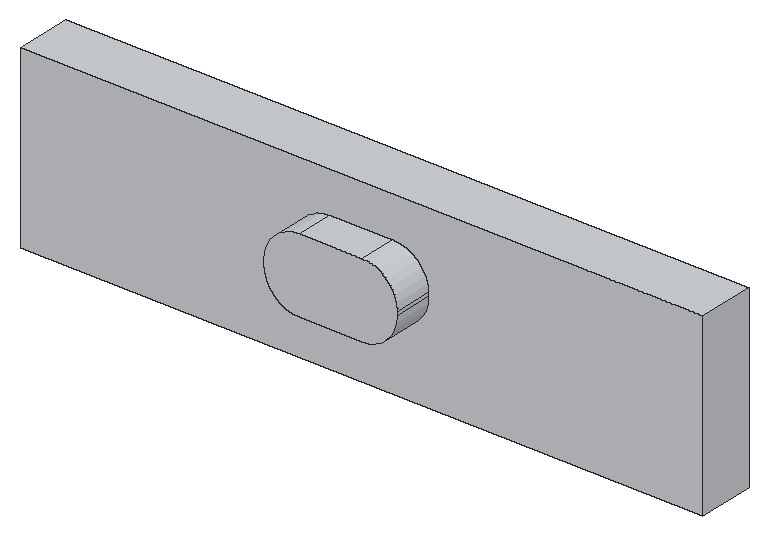
Revit family "S-5", category Air Terminals, host Face, Revit 2025
Family settings
  Host = Face
  Round Connector Dimension = Use Diameter
  Part Type = Normal
  Cut with Voids When Loaded = No
  Maintain Annotation Orientation = No
  Shared = No
  Room Calculation Point = No
Parameters (values of type "TBDI-80")
  Y = 0.91775"
  Width = 4"
  R = 2 1/2"
  Length = 48"
  Depth = 11"
  Default Elevation = 48"
  B [instance] = 5 1/4"
  A [instance] = 9 3/8"
Reference planes (in)
  plane 1 "Center (Front/Back)": y = 0
  plane 2: z = 0
  plane 3 "Center (Left/Right)": x = 0
  plane 4: z = 11
  plane 5: x = -4.6875
  plane 6: x = 4.6875
  plane 7: z = 5.5
  plane 8: z = 8.125
  plane 9: z = 2.875
Forms (in)
  Extrusion 1, solid
    sketch origin (0, 0, 0) x (1, 0, 0) y (0, 1, 0)
      loop
        line (-24, 2) -> (-24, -2) -> (24, -2) -> (24, 2) -> (-24, 2)
    from -1.59645 to 11
  Extrusion 2, solid
    sketch origin (0, 0, 0) x (1, 0, 0) y (0, 0, 1)
      loop
        arc (-2.1875, 8.125) -> (-3.95527, 7.39277) -> (-4.6875, 5.625) r 2.5
        line (-4.6875, 5.625) -> (-4.6875, 5.375)
        arc (-4.6875, 5.375) -> (-3.95527, 3.60723) -> (-2.1875, 2.875) r 2.5
        line (-2.1875, 2.875) -> (2.1875, 2.875)
        arc (2.1875, 2.875) -> (3.95527, 3.60723) -> (4.6875, 5.375) r 2.5
        line (4.6875, 5.375) -> (4.6875, 5.625)
        arc (4.6875, 5.625) -> (3.95527, 7.39277) -> (2.1875, 8.125) r 2.5
        line (2.1875, 8.125) -> (-2.1875, 8.125)
    from 2 to 4.69214
Dimensions and locks (in)
  equal spacing: Extrusion 1 sketch curve, plane 1 "Center (Front/Back)", Extrusion 1 sketch curve
  equal spacing: Extrusion 1 sketch curve, plane 3 "Center (Left/Right)", Extrusion 1 sketch curve
  "Length": Extrusion 1 sketch curve to Extrusion 1 sketch curve
  "Width": Extrusion 1 sketch curve to Extrusion 1 sketch curve
  "Depth": plane 4 to plane 2
  equal spacing: plane 6, plane 3 "Center (Left/Right)", plane 5
  equal spacing: plane 8, plane 7, plane 9
  "B": plane 8 to plane 9
  "A": plane 6 to plane 5
  equal spacing: plane 4, plane 7, plane 2
  "R": radius of Extrusion 2 sketch curve  (x4)
  aligned and locked: plane 2 to host face
  aligned and locked: level to host face
  aligned and locked: plane 4 to Extrusion 1
  aligned and locked: Extrusion 2 sketch curve to plane 9
  aligned and locked: Extrusion 2 sketch curve to plane 8
  aligned and locked: Extrusion 2 sketch curve to plane 5
Automatic sketch dimensions
  host sketch curve to host sketch curve = 96"  (x2)
  Extrusion 2 sketch curve to plane 6 = 0"
Connectors (in)
  hvac at (0, -4.69214, 5.5), driven by "B", driven by "A"
    settings: on Extrusion 2, index 1, duct flow 0 CFM, flow factor 0, pres drop 0.00 in-wg, loss coef 0, conn angle 0.00°, conn width 9 3/8", conn height 5 1/4", conn diameter 24", duct sys type 1, conn prof type 2, flow config 0, flow direction 0, loss method 0, conn ref index -1, conn util no, is conn primary yes, conn desc ""
